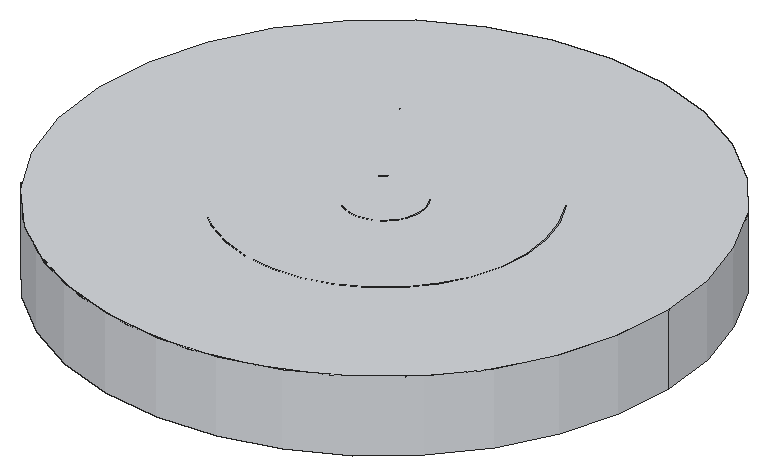
Revit family "電線管用ファミリ(片側のみ)_3", category Electrical Fixtures, Revit 2022
Family settings
  Round Connector Dimension = Use Diameter
  Part Type = Normal
  OmniClass Number = 23.80.00.00
  OmniClass Title = Electric Power and Lighting
  Work Plane-Based = No
  Always vertical = Yes
  Cut with Voids When Loaded = No
  Maintain Annotation Orientation = No
  Shared = No
  Room Calculation Point = No
Parameters
  W [instance] = 200 mm
  Out W [instance] = 400 mm
  Out D [instance] = 400 mm
  Default Elevation = 0 mm
  D [instance] = 200 mm
Reference planes
  plane 1 "Center (Front/Back)": y = 0
  plane 2: z = 0
  plane 3 "Center (Left/Right)": x = 0
  plane 4: x = -100
  plane 5: x = 100
  plane 6: y = 100
  plane 7: y = -100
  plane 8: x = 0
  plane 9: y = 0
  plane 10: y = 200
  plane 11: y = -200
  plane 12: x = -200
  plane 13: x = 200
  plane 14: z = 50
Forms (mm)
  Extrusion 1, solid
    sketch origin (0, 0, 0) x (1, 0, 0) y (0, 1, 0)
      loop
        circle (0, 0) r 100
    from 0 to 50
  Extrusion 2, solid
    sketch origin (0, 0, 0) x (1, 0, 0) y (0, 1, 0)
      loop
        circle (0, 0) r 25
    from 0 to 50
  Extrusion 3, solid
    sketch origin (0, 0, 0) x (1, 0, 0) y (0, 1, 0)
      loop
        circle (0, 0) r 200
    from 0 to 50
Dimensions and locks
  equal spacing: plane 4, plane 3 "Center (Left/Right)", plane 5
  "W": plane 4 to plane 5
  equal spacing: plane 6, plane 1 "Center (Front/Back)", plane 7
  "D": plane 6 to plane 7
  equal spacing: plane 12, plane 8, plane 13
  "Out W": plane 12 to plane 13
  equal spacing: plane 10, plane 9, plane 11
  "Out D": plane 10 to plane 11
  plane 8 to plane 3 "Center (Left/Right)" = 0 mm
  plane 9 to plane 1 "Center (Front/Back)" = 0 mm
  aligned and locked: level to plane 2
  aligned and locked: plane 14 to Extrusion 3
Automatic sketch dimensions
  plane 1 "Center (Front/Back)" to Extrusion 1 sketch curve = 0 mm
  Extrusion 1 sketch curve to plane 3 "Center (Left/Right)" = 0 mm
  plane 1 "Center (Front/Back)" to Extrusion 2 sketch curve = 0 mm
  Extrusion 2 sketch curve to plane 3 "Center (Left/Right)" = 0 mm
  plane 1 "Center (Front/Back)" to Extrusion 3 sketch curve = 0 mm
  Extrusion 3 sketch curve to plane 3 "Center (Left/Right)" = 0 mm
  radius of Extrusion 1 sketch curve = 100 mm
  radius of Extrusion 2 sketch curve = 25 mm
  radius of Extrusion 3 sketch curve = 200 mm
Connectors
  cabletrayconduit at (0, 0, 50), diameter 16
    settings: on Extrusion 2, index 1, connector width 300 mm, connector height 300 mm, connector angle 0.00°, system type 32, placement type 0, profile type 0, connector reference index -1, is primary connector yes, connector utility param no, connector description ""
